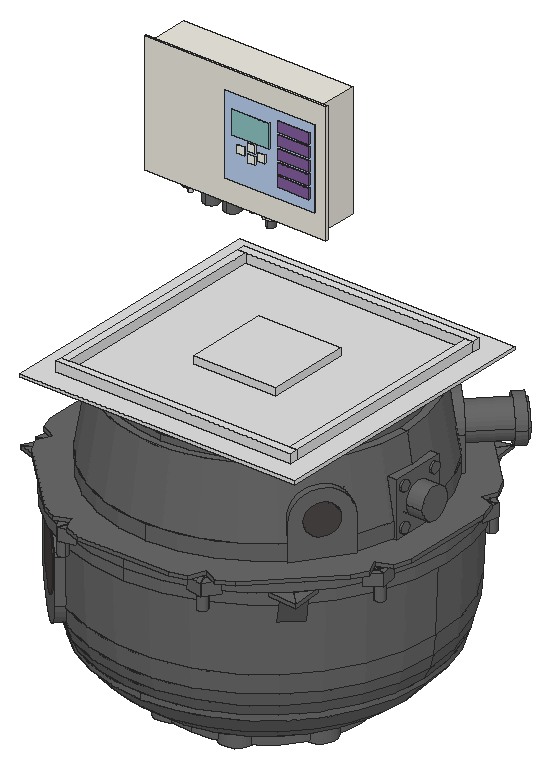
Revit family "281230x (200)", category Generic Models, Revit 2021 (continued)
Definition of nested family "281230x (200)_part2_X0Y0"
  Definition of nested family "281230x (200)_part2_content"
    Forms (mm)
      Extrusion 15, solid, detail levels medium+fine
        sketch origin (0, 0, 451) x (0, 1, 0) y (-1, 0, 0)
          loop
            circle (0, 0) r 214.5
        from 0 to 10
      Extrusion 16, solid, detail levels medium+fine
        sketch origin (-190, -190, 461) x (0, 1, 0) y (0, 0, 1)
          loop
            line (0, 7.5) -> (0, 0) -> (380, 0) -> (380, 7.5) -> (0, 7.5)
        from 0 to 380
      Extrusion 17, solid, detail levels medium+fine
        sketch origin (0, 0, 461) x (0, 1, 0) y (-1, 0, 0)
          loop
            circle (0, 0) r 208.5
        from 0 to 7.5
      Extrusion 18, solid, detail levels medium+fine
        sketch origin (-222, -222, 468.5) x (0, 1, 0) y (0, 0, 1)
          loop
            line (0, 5) -> (0, 0) -> (444, 0) -> (444, 5) -> (0, 5)
        from 0 to 444
      Extrusion 19, solid, detail levels medium+fine
        sketch origin (-66, -66, 473.5) x (0, 1, 0) y (0, 0, 1)
          loop
            line (0, 12) -> (0, 0) -> (132, 0) -> (132, 12) -> (0, 12)
        from 0 to 132
      Extrusion 20, solid, detail levels medium+fine
        sketch origin (0, 60, 320) x (0, -1, 0) y (0, 0, 1)
          loop
            line (0, 50) -> (0, 0) -> (120, 0) -> (120, 50) -> (0, 50)
        from 0 to 245.5
      Extrusion 21, solid, detail levels medium+fine
        sketch origin (0, 0, 370) x (0, -1, 0) y (0, 0, 1)
          loop
            circle (0, 0) r 60
        from 0 to 245.5
      Extrusion 22, solid, detail levels medium+fine
        sketch origin (-244, 0, 370) x (0, -1, 0) y (0, 0, 1)
          loop
            circle (0, 0) r 35.1
        from 0 to 1.75
      Extrusion 23, solid, detail levels medium+fine
        sketch origin (31.82, -31.82, 320) x (-0.707107, 0.707107, 0) y (0, 0, 1)
          loop
            line (0, 55.25) -> (0, 0) -> (90, 0) -> (90, 55.25) -> (0, 55.25)
        from 0 to 245.5
      Extrusion 24, solid, detail levels medium+fine
        sketch origin (0, 0, 375.25) x (-0.707107, 0.707107, 0) y (0, 0, 1)
          loop
            circle (0, 0) r 45
        from 0 to 245.5
      Extrusion 25, solid, detail levels medium+fine
        sketch origin (0, 0, 370) x (-0.707107, 0.707107, 0) y (0, 0, 1)
          loop
            circle (0, 0) r 27.7
        from 0 to 311.36
      Extrusion 26, solid, detail levels medium+fine
        sketch origin (0, 27.5, 332.75) x (0, 1, 0) y (0, 0, 1)
          loop
            circle (0, 0) r 8
        from 0 to 250
      Extrusion 27, solid, detail levels medium+fine
        sketch origin (0, -46.25, 320) x (0, 1, 0) y (0, 0, 1)
          loop
            line (0, 86.5) -> (0, 0) -> (86.5, 0) -> (86.5, 86.5) -> (0, 86.5)
        from 0 to 245.5
      Extrusion 28, solid, detail levels medium+fine
        sketch origin (0, -3, 363.25) x (0, 1, 0) y (0, 0, 1)
          loop
            circle (0, 0) r 24.75
        from 0 to 272.5
      Extrusion 29, solid, detail levels medium+fine
        sketch origin (0, -33.5, 393.75) x (0, 1, 0) y (0, 0, 1)
          loop
            circle (0, 0) r 8
        from 0 to 250
      Extrusion 30, solid, detail levels medium+fine
        sketch origin (0, 27.5, 393.75) x (0, 1, 0) y (0, 0, 1)
          loop
            circle (0, 0) r 8
        from 0 to 250
      Extrusion 31, solid, detail levels medium+fine
        sketch origin (0, -33.5, 332.75) x (0, 1, 0) y (0, 0, 1)
          loop
            circle (0, 0) r 8
        from 0 to 250
      Extrusion 32, solid, detail levels medium+fine
        sketch origin (-25.811, -36.862, 320) x (0.573577, 0.819152, 0) y (0, 0, 1)
          loop
            line (0, 55.25) -> (0, 0) -> (90, 0) -> (90, 55.25)
            arc (90, 55.25) -> (45, 100.25) -> (0, 55.25) r 45
        from 0 to 245.5
      Extrusion 33, solid, detail levels medium+fine
        sketch origin (199.873, -139.953, 375.25) x (0.573577, 0.819152, 0) y (0, 0, 1)
          loop
            circle (0, 0) r 25
        from 0 to 1.75
      Extrusion 34, solid, detail levels medium+fine
        sketch origin (-53.002, 127.957, 0) x (-0.92388, -0.382683, 0) y (0.382683, -0.92388, 0)
          loop
            circle (0, 0) r 25
        from 0 to 28.5
      Extrusion 35, solid, detail levels medium+fine
        sketch origin (-127.957, -53.002, 0) x (0.382683, -0.92388, 0) y (0.92388, 0.382683, 0)
          loop
            circle (0, 0) r 25
        from 0 to 28.5
      Extrusion 36, solid, detail levels medium+fine
        sketch origin (53.002, -127.957, 0) x (0.92388, 0.382683, 0) y (-0.382683, 0.92388, 0)
          loop
            circle (0, 0) r 25
        from 0 to 28.5
      Extrusion 37, solid, detail levels medium+fine
        sketch origin (53.002, 127.957, 0) x (-0.923879, 0.382684, 0) y (-0.382684, -0.923879, 0)
          loop
            circle (0, 0) r 25
        from 0 to 28.5
      Extrusion 38, solid, detail levels medium+fine
        sketch origin (-127.957, 53.002, 0) x (-0.382684, -0.923879, 0) y (0.923879, -0.382684, 0)
          loop
            circle (0, 0) r 25
        from 0 to 28.5
      Extrusion 39, solid, detail levels medium+fine
        sketch origin (-53.002, -127.957, 0) x (0.923879, -0.382684, 0) y (0.382684, 0.923879, 0)
          loop
            circle (0, 0) r 25
        from 0 to 28.5
      Extrusion 40, solid, detail levels medium+fine
        sketch origin (127.957, -53.002, 0) x (0.382684, 0.923879, 0) y (-0.923879, 0.382684, 0)
          loop
            circle (0, 0) r 25
        from 0 to 28.5
      Extrusion 41, solid, detail levels medium+fine
        sketch origin (127.957, 53.002, 0) x (-0.382683, 0.92388, 0) y (-0.92388, -0.382683, 0)
          loop
            circle (0, 0) r 25
        from 0 to 28.5
      Extrusion 42, solid, detail levels medium+fine
        sketch origin (0, 0, 209) x (0, -1, 0) y (0, 0, 1)
          loop
            line (-72.693, 35.337) -> (-68.918, -37.767)
            arc (-68.918, -37.767) -> (-63.198, -56.139) -> (-50.593, -70.678) r 46.983
            line (-50.593, -70.678) -> (-49.193, -71.697)
            arc (-49.193, -71.697) -> (-25.794, -83.147) -> (0, -86.788) r 83.079
            arc (0, -86.788) -> (25.794, -83.147) -> (49.193, -71.697) r 83.079
            line (49.193, -71.697) -> (50.593, -70.678)
            arc (50.593, -70.678) -> (63.198, -56.139) -> (68.918, -37.767) r 46.983
            line (68.918, -37.767) -> (72.693, 35.337)
            arc (72.693, 35.337) -> (71.616, 38.805) -> (69.783, 41.939) r 15.989
            arc (69.783, 41.939) -> (60.032, 51.336) -> (48.652, 58.679) r 69.984
            line (48.652, 58.679) -> (47.252, 59.417)
            arc (47.252, 59.417) -> (24.369, 68.322) -> (0, 71.344) r 99.373
            arc (0, 71.344) -> (-24.369, 68.322) -> (-47.252, 59.417) r 99.373
            line (-47.252, 59.417) -> (-48.652, 58.679)
            arc (-48.652, 58.679) -> (-60.032, 51.336) -> (-69.783, 41.939) r 69.984
            arc (-69.783, 41.939) -> (-71.616, 38.805) -> (-72.693, 35.337) r 15.989
        from 0 to 277.5
      Extrusion 43, solid, detail levels medium+fine
        sketch origin (0, 0, 209) x (0, -1, 0) y (0, 0, 1)
          loop
            circle (0, 0) r 55
        from 0 to 326
      Extrusion 44, solid, detail levels medium+fine
        sketch origin (0, 0, 209) x (0.707107, -0.707107, 0) y (0, 0, 1)
          loop
            line (-72.693, 35.337) -> (-68.918, -37.767)
            arc (-68.918, -37.767) -> (-63.198, -56.139) -> (-50.593, -70.678) r 46.983
            line (-50.593, -70.678) -> (-49.193, -71.697)
            arc (-49.193, -71.697) -> (-25.794, -83.147) -> (0, -86.788) r 83.079
            arc (0, -86.788) -> (25.794, -83.147) -> (49.193, -71.697) r 83.079
            line (49.193, -71.697) -> (50.593, -70.678)
            arc (50.593, -70.678) -> (63.198, -56.139) -> (68.918, -37.767) r 46.983
            line (68.918, -37.767) -> (72.693, 35.337)
            arc (72.693, 35.337) -> (71.616, 38.805) -> (69.783, 41.939) r 15.989
            arc (69.783, 41.939) -> (60.032, 51.336) -> (48.652, 58.679) r 69.984
            line (48.652, 58.679) -> (47.252, 59.417)
            arc (47.252, 59.417) -> (24.369, 68.322) -> (0, 71.344) r 99.373
            arc (0, 71.344) -> (-24.369, 68.322) -> (-47.252, 59.417) r 99.373
            line (-47.252, 59.417) -> (-48.652, 58.679)
            arc (-48.652, 58.679) -> (-60.032, 51.336) -> (-69.783, 41.939) r 69.984
            arc (-69.783, 41.939) -> (-71.616, 38.805) -> (-72.693, 35.337) r 15.989
        from 0 to 277.5
      Extrusion 45, solid, detail levels medium+fine
        sketch origin (0, 0, 209) x (-0.707107, -0.707107, 0) y (0, 0, 1)
          loop
            line (-72.693, 35.337) -> (-68.918, -37.767)
            arc (-68.918, -37.767) -> (-63.198, -56.139) -> (-50.593, -70.678) r 46.983
            line (-50.593, -70.678) -> (-49.193, -71.697)
            arc (-49.193, -71.697) -> (-25.794, -83.147) -> (0, -86.788) r 83.079
            arc (0, -86.788) -> (25.794, -83.147) -> (49.193, -71.697) r 83.079
            line (49.193, -71.697) -> (50.593, -70.678)
            arc (50.593, -70.678) -> (63.198, -56.139) -> (68.918, -37.767) r 46.983
            line (68.918, -37.767) -> (72.693, 35.337)
            arc (72.693, 35.337) -> (71.616, 38.805) -> (69.783, 41.939) r 15.989
            arc (69.783, 41.939) -> (60.032, 51.336) -> (48.652, 58.679) r 69.984
            line (48.652, 58.679) -> (47.252, 59.417)
            arc (47.252, 59.417) -> (24.369, 68.322) -> (0, 71.344) r 99.373
            arc (0, 71.344) -> (-24.369, 68.322) -> (-47.252, 59.417) r 99.373
            line (-47.252, 59.417) -> (-48.652, 58.679)
            arc (-48.652, 58.679) -> (-60.032, 51.336) -> (-69.783, 41.939) r 69.984
            arc (-69.783, 41.939) -> (-71.616, 38.805) -> (-72.693, 35.337) r 15.989
        from 0 to 277.5
      Extrusion 46, solid, detail levels medium+fine
        sketch origin (-195.161, -195.161, 209) x (0.707107, -0.707107, 0) y (0, 0, 1)
          loop
            circle (0, 0) r 50.1
        from 0 to 1.75
      Extrusion 47, solid, detail levels medium+fine
        sketch origin (-195.162, 195.162, 209) x (-0.707107, -0.707107, 0) y (0, 0, 1)
          loop
            circle (0, 0) r 50.1
        from 0 to 1.75
      Extrusion 48, solid, detail levels medium+fine
        sketch origin (220.165, 220.165, 370) x (-0.707107, 0.707107, 0) y (0, 0, 1)
          loop
            circle (0, 0) r 34.75
        from 0 to 15.7
      Extrusion 49, solid, detail levels medium+fine
        sketch origin (230.559, 230.559, 370) x (-0.707107, 0.707107, 0) y (0, 0, 1)
          loop
            circle (0, 0) r 27.7
        from 0 to 4.8
      Extrusion 50, solid, detail levels medium+fine
        sketch origin (232.893, 232.893, 370) x (-0.707107, 0.707107, 0) y (0, 0, 1)
          loop
            circle (0, 0) r 20
        from 0 to 1.7
      Extrusion 51, solid, detail levels medium+fine
        sketch origin (240.105, 225.963, 364) x (-0.707107, 0.707107, 0) y (0, 0, 1)
          loop
            circle (0, 0) r 4.2
        from 0 to 1.8
      Extrusion 52, solid, detail levels medium+fine
        sketch origin (240.105, 225.963, 376) x (-0.707107, 0.707107, 0) y (0, 0, 1)
          loop
            circle (0, 0) r 4.2
        from 0 to 1.8
      Extrusion 53, solid, detail levels medium+fine
        sketch origin (225.963, 240.105, 376) x (-0.707107, 0.707107, 0) y (0, 0, 1)
          loop
            circle (0, 0) r 4.2
        from 0 to 1.8
      Extrusion 54, solid, detail levels medium+fine
        sketch origin (225.963, 240.105, 364) x (-0.707107, 0.707107, 0) y (0, 0, 1)
          loop
            circle (0, 0) r 4.2
        from 0 to 1.8
      Extrusion 55, solid, detail levels medium+fine
        sketch origin (-259.107, -87.843, 294.5) x (-0.92388, -0.382683, 0) y (0, 0, -1)
          loop
            line (0, 48.5) -> (0, 0) -> (29.9, 0) -> (0, 48.5)
        from 0 to 36
      Extrusion 56, solid, detail levels medium+fine
        sketch origin (-272.082, -112.7, 273) x (0.382683, -0.92388, 0) y (0.92388, 0.382683, 0)
          loop
            circle (0, 0) r 7.75
        from 0 to 21.5
      Extrusion 57, solid, detail levels medium+fine
        sketch origin (-265.153, -109.83, 300) x (-0.92388, -0.382683, 0) y (-0.382683, 0.92388, 0)
          loop
            line (36.5, 0) -> (0, 0) -> (0, -32) -> (36.5, 0)
        from 0 to 5.5
      Extrusion 58, solid, detail levels medium+fine
        sketch origin (-265.153, -109.83, 314) x (-0.92388, -0.382683, 0) y (-0.382683, 0.92388, 0)
          loop
            line (17, 0) -> (0, 0) -> (0, -25) -> (17, 0)
        from 0 to 14
      Extrusion 59, solid, detail levels medium+fine
        sketch origin (-265.153, -109.83, 294.5) x (-0.382683, 0.92388, 0) y (-0.92388, -0.382683, 0)
          loop
            line (0, 36.5) -> (0, 0) -> (32, 0) -> (0, 36.5)
        from 0 to 5.5
      Extrusion 60, solid, detail levels medium+fine
        sketch origin (-265.153, -109.83, 300) x (-0.382683, 0.92388, 0) y (-0.92388, -0.382683, 0)
          loop
            line (0, 17) -> (0, 0) -> (25, 0) -> (0, 17)
        from 0 to 14
      Extrusion 61, solid, detail levels medium+fine
        sketch origin (-245.331, 121.102, 294.5) x (-0.923879, 0.382684, 0) y (0, 0, -1)
          loop
            line (0, 48.5) -> (0, 0) -> (29.9, 0) -> (0, 48.5)
        from 0 to 36
      Extrusion 62, solid, detail levels medium+fine
        sketch origin (-272.082, 112.7, 273) x (-0.382684, -0.923879, 0) y (0.923879, -0.382684, 0)
          loop
            circle (0, 0) r 7.75
        from 0 to 21.5
      Extrusion 63, solid, detail levels medium+fine
        sketch origin (-265.153, 109.83, 300) x (-0.923879, 0.382684, 0) y (0.382684, 0.923879, 0)
          loop
            line (36.5, 0) -> (0, 0) -> (0, -32) -> (36.5, 0)
        from 0 to 5.5
      Extrusion 64, solid, detail levels medium+fine
        sketch origin (-265.153, 109.83, 314) x (-0.923879, 0.382684, 0) y (0.382684, 0.923879, 0)
          loop
            line (17, 0) -> (0, 0) -> (0, -25) -> (17, 0)
        from 0 to 14
      Extrusion 65, solid, detail levels medium+fine
        sketch origin (-265.153, 109.83, 294.5) x (0.382684, 0.923879, 0) y (-0.923879, 0.382684, 0)
          loop
            line (0, 36.5) -> (0, 0) -> (32, 0) -> (0, 36.5)
        from 0 to 5.5
      Extrusion 66, solid, detail levels medium+fine
        sketch origin (-265.153, 109.83, 300) x (0.382684, 0.923879, 0) y (-0.923879, 0.382684, 0)
          loop
            line (0, 17) -> (0, 0) -> (25, 0) -> (0, 17)
        from 0 to 14
      Extrusion 67, solid, detail levels medium+fine
        sketch origin (-190, 178, 473.5) x (0, 1, 0) y (0, 0, 1)
          loop
            line (0, 15) -> (0, 0) -> (12, 0) -> (12, 15) -> (0, 15)
        from 0 to 380
      Extrusion 68, solid, detail levels medium+fine
        sketch origin (-190, -190, 473.5) x (0, 1, 0) y (0, 0, 1)
          loop
            line (0, 15) -> (0, 0) -> (12, 0) -> (12, 15) -> (0, 15)
        from 0 to 380
      Extrusion 69, solid, detail levels medium+fine
        sketch origin (-190, -178, 473.5) x (0, 1, 0) y (0, 0, 1)
          loop
            line (0, 15) -> (0, 0) -> (356, 0) -> (356, 15) -> (0, 15)
        from 0 to 12
      Extrusion 70, solid, detail levels medium+fine
        sketch origin (178, -178, 473.5) x (0, 1, 0) y (0, 0, 1)
          loop
            line (0, 15) -> (0, 0) -> (356, 0) -> (356, 15) -> (0, 15)
        from 0 to 12
      Extrusion 71, solid, detail levels medium+fine
        sketch origin (180.312, -205.768, 294.5) x (0.707106, -0.707107, 0) y (0, 0, -1)
          loop
            line (0, 48.5) -> (0, 0) -> (29.9, 0) -> (0, 48.5)
        from 0 to 36
      Extrusion 72, solid, detail levels medium+fine
        sketch origin (202.939, -202.939, 300) x (0.707106, -0.707107, 0) y (-0.707107, -0.707106, 0)
          loop
            line (36.5, 0) -> (0, 0) -> (0, -32) -> (36.5, 0)
        from 0 to 5.5
      Extrusion 73, solid, detail levels medium+fine
        sketch origin (202.939, -202.939, 294.5) x (-0.707107, -0.707106, 0) y (0.707106, -0.707107, 0)
          loop
            line (0, 36.5) -> (0, 0) -> (32, 0) -> (0, 36.5)
        from 0 to 5.5
      Extrusion 74, solid, detail levels medium+fine
        sketch origin (171.331, 213.304, 294.5) x (0.573577, 0.819151, 0) y (0, 0, -1)
          loop
            line (0, 48.5) -> (0, 0) -> (29.9, 0) -> (0, 48.5)
        from 0 to 36
      Extrusion 75, solid, detail levels medium+fine
        sketch origin (164.616, 235.097, 294.5) x (0.819151, -0.573577, 0) y (0.573577, 0.819151, 0)
          loop
            line (0, 36.5) -> (0, 0) -> (32, 0) -> (0, 36.5)
        from 0 to 5.5
      Extrusion 76, solid, detail levels medium+fine
        sketch origin (164.616, 235.097, 300) x (0.573577, 0.819151, 0) y (0.819151, -0.573577, 0)
          loop
            line (36.5, 0) -> (0, 0) -> (0, -32) -> (36.5, 0)
        from 0 to 5.5
      Extrusion 77, solid, detail levels medium+fine
        sketch origin (109.83, 265.153, 294.5) x (0.923879, -0.382684, 0) y (0.382684, 0.923879, 0)
          loop
            line (0, 17) -> (0, 0) -> (25, 0) -> (0, 17)
        from 0 to 19.5
      Extrusion 78, solid, detail levels medium+fine
        sketch origin (112.7, 272.082, 273) x (-0.923879, 0.382684, 0) y (-0.382684, -0.923879, 0)
          loop
            circle (0, 0) r 7.75
        from 0 to 21.5
      Extrusion 79, solid, detail levels medium+fine
        sketch origin (109.83, 265.153, 314) x (0.382684, 0.923879, 0) y (0.923879, -0.382684, 0)
          loop
            line (17, 0) -> (0, 0) -> (0, -25) -> (17, 0)
        from 0 to 19.5
      Extrusion 80, solid, detail levels medium+fine
        sketch origin (272.082, 112.7, 273) x (-0.382683, 0.92388, 0) y (-0.92388, -0.382683, 0)
          loop
            circle (0, 0) r 7.75
        from 0 to 21.5
      Extrusion 81, solid, detail levels medium+fine
        sketch origin (265.153, 109.83, 314) x (0.92388, 0.382683, 0) y (0.382683, -0.92388, 0)
          loop
            line (17, 0) -> (0, 0) -> (0, -25) -> (17, 0)
        from 0 to 19.5
      Extrusion 82, solid, detail levels medium+fine
        sketch origin (265.153, 109.83, 294.5) x (0.382683, -0.92388, 0) y (0.92388, 0.382683, 0)
          loop
            line (0, 17) -> (0, 0) -> (25, 0) -> (0, 17)
        from 0 to 19.5
      Extrusion 83, solid, detail levels medium+fine
        sketch origin (-112.7, 272.082, 273) x (-0.92388, -0.382683, 0) y (0.382683, -0.92388, 0)
          loop
            circle (0, 0) r 7.75
        from 0 to 21.5
      Extrusion 84, solid, detail levels medium+fine
        sketch origin (-109.83, 265.153, 314) x (-0.382683, 0.92388, 0) y (0.92388, 0.382683, 0)
          loop
            line (17, 0) -> (0, 0) -> (0, -25) -> (17, 0)
        from 0 to 19.5
      Extrusion 85, solid, detail levels medium+fine
        sketch origin (-109.83, 265.153, 294.5) x (0.92388, 0.382683, 0) y (-0.382683, 0.92388, 0)
          loop
            line (0, 17) -> (0, 0) -> (25, 0) -> (0, 17)
        from 0 to 19.5
      Extrusion 86, solid, detail levels medium+fine
        sketch origin (272.082, -112.7, 273) x (0.382684, 0.923879, 0) y (-0.923879, 0.382684, 0)
          loop
            circle (0, 0) r 7.75
        from 0 to 21.5
      Extrusion 87, solid, detail levels medium+fine
        sketch origin (265.153, -109.83, 294.5) x (-0.382684, -0.923879, 0) y (0.923879, -0.382684, 0)
          loop
            line (0, 17) -> (0, 0) -> (25, 0) -> (0, 17)
        from 0 to 19.5
      Extrusion 88, solid, detail levels medium+fine
        sketch origin (265.153, -109.83, 314) x (0.923879, -0.382684, 0) y (-0.382684, -0.923879, 0)
          loop
            line (17, 0) -> (0, 0) -> (0, -25) -> (17, 0)
        from 0 to 19.5
      Extrusion 89, solid, detail levels medium+fine
        sketch origin (112.7, -272.082, 273) x (0.92388, 0.382683, 0) y (-0.382683, 0.92388, 0)
          loop
            circle (0, 0) r 7.75
        from 0 to 21.5
      Extrusion 90, solid, detail levels medium+fine
        sketch origin (109.83, -265.153, 314) x (0.382683, -0.92388, 0) y (-0.92388, -0.382683, 0)
          loop
            line (17, 0) -> (0, 0) -> (0, -25) -> (17, 0)
        from 0 to 19.5
      Extrusion 91, solid, detail levels medium+fine
        sketch origin (109.83, -265.153, 294.5) x (-0.92388, -0.382683, 0) y (0.382683, -0.92388, 0)
          loop
            line (0, 17) -> (0, 0) -> (25, 0) -> (0, 17)
        from 0 to 19.5
      Extrusion 92, solid, detail levels medium+fine
        sketch origin (-112.7, -272.082, 273) x (0.923879, -0.382684, 0) y (0.382684, 0.923879, 0)
          loop
            circle (0, 0) r 7.75
        from 0 to 21.5
      Extrusion 93, solid, detail levels medium+fine
        sketch origin (-109.83, -265.153, 294.5) x (-0.923879, 0.382684, 0) y (-0.382684, -0.923879, 0)
          loop
            line (0, 17) -> (0, 0) -> (25, 0) -> (0, 17)
        from 0 to 19.5
      Extrusion 94, solid, detail levels medium+fine
        sketch origin (-109.83, -265.153, 314) x (-0.382684, -0.923879, 0) y (-0.923879, 0.382684, 0)
          loop
            line (17, 0) -> (0, 0) -> (0, -25) -> (17, 0)
        from 0 to 19.5
      Extrusion 95, solid, detail levels coarse
        sketch origin (-17.478, 0, 0) x (1, 0, 0) y (0, 1, 0)
          loop
            line (-308.522, -291.044) -> (308.522, -291.044) -> (308.522, 291.044) -> (-308.522, 291.044) -> (-308.522, -291.044)
        from 0 to 488.5
    Dimensions and locks
      aligned and locked: level to plane 2
